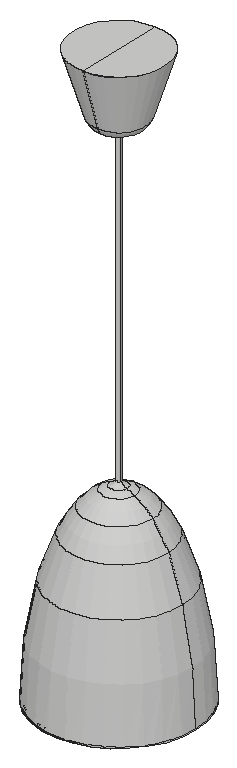
Revit family "Lighting_Pendants_Nordlux_Nexus_2.0", category Lighting Fixtures, host Ceiling, Revit 2017
Family settings
  Host = Ceiling
  Round Connector Dimension = Use Diameter
  Part Type = Normal
  OmniClass Number = 23.80.70.11
  OmniClass Title = Luminaries for Internal Lighting
  Always vertical = Yes
  Cut with Voids When Loaded = No
  Light Source = Yes
  Shared = No
  Room Calculation Point = No
Parameters (values of type "Nexus 2.0 Pendant - white")
  Wattage = 1.34642 W
  WarrantyStartDate [instance] = "n/a"
  WarrantyGuarantorParts = "n/a"
  WarrantyGuarantorLabor = "n/a"
  WarrantyDurationUnit = "Hours"
  WarrantyDurationParts = "n/a"
  WarrantyDurationLabor = "n/a"
  WarrantyDescription = "n/a"
  built-in parameter 1150110 = 1 (stored number, unit not read)
  VersionDate = "01/07/2020"  # constant formula
  Version = "2"  # constant formula
  UsageCurrent = 0 A
  Uniclass2015Reference = "Pr_70_70_48_62"
  Uniclass2015Description = "Pendant  luminaires"
  Uniclass2 = "Pr_70_70_49_86"
  URL = "https://www.nordlux.com/products/product/2020583001"
  TotalWattage = 40 W
  built-in parameter 1114217 = 1 (stored number, unit not read)
  Tilt Angle = 90.00°
  built-in parameter 1150109 = 1 (stored number, unit not read)
  built-in parameter 1150134 = (empty or 0)
  TagNumber [instance] = "n/a"
  SustainabilityPerformance = "n/a"
  built-in parameter 1150113 = 1 (stored number, unit not read)
  Socket = "E27"
  Size = "Shade: 200x200x250 mm / Canopy: 120x120x90 mm"
  Shape = "Sculptured"
  SerialNumber [instance] = "n/a"
  Revision = "1"  # constant formula
  ReplacementCost = "n/a"
  ProductInformation = "n/a"
  ProductDatasheet = "http://pim.skypim.com/show?objectid=327136475&template=ORG"
  Product data url = "https://www.bimobject.com/nordlux/product/nexus_20_e27_pendant"
  Photometric Web File = "7726 Nexus 20 Pendel w acryl.ies"
  PhaseReference = "n/a"
  PhaseAngle = 0.00°
  NumberOfSources = 0
  NumberOfPoles = 1
  NominalWidth = NominalDiameter  # 200 mm
  NominalVoltageCalc = 0 V
  NominalVoltage = 230 V
  NominalRadius = NominalDiameter / 2  # 100 mm
  NominalLength = NominalDiameter  # 200 mm
  NominalHeight [instance] = CableLengthControl + 257.5 mm  # 757.5 mm
  NominalFrequencyRange = 50 Hz
  NominalDiameter = 200 mm
  NominalCurrent = 0 A
  Name = "Nordlux_Nexus_2.0"  # constant formula
  NBSReference = "90-60-50/405"
  NBSDescription = "General purpose luminaires"
  ModelReference = ArticleNumber  # "2020583001"
  ModelNumber = "n/a"
  Model = "Nexus 2.0 Pendant - white"
  Material = "Metal, plastic & textile"
  ManufacturersSpecificInformation = "n/a"
  ManufacturerURL = "https://www.nordlux.com/"
  ManufacturerName = "Nordlux"
  Manufacturer = "Nordlux"
  MaintenanceFactor = 0
  Lumens = 200 lm
  built-in parameter 1150115 = 1 (stored number, unit not read)
  built-in parameter 1150105 = 303.49 (stored number, unit not read)
  LightSource = "Not included"
  LightFixtureTertiaryMaterial = Glass
  LightFixtureSecondaryMaterial = White cable
  LightFixturePlacingType = "Ceilling"
  LightFixtureMountingType = "Suspended"
  LightFixtureMainMaterial = White
  built-in parameter 1150137 = (empty or 0)
  built-in parameter 1150139 = (empty or 0)
  LensMaterial = Acrylic diffuser
  built-in parameter 1150112 = 1 (stored number, unit not read)
  built-in parameter 1150114 = 1 (stored number, unit not read)
  InsulationStandardClass = "Class 2 (Double isolated)"
  InstallationDate [instance] = "n/a"
  built-in parameter 1150132 = 2
  built-in parameter 1150102 = (empty or 0)
  built-in parameter 1150138 = (empty or 0)
  built-in parameter 1150107 = 2700 (stored number, unit not read)
  built-in parameter 1150106 = 3.0349 (stored number, unit not read)
  IfcExportType = "NOTDEFINED"  # constant formula
  IfcExportAs = "IfcLightFixtureType"  # constant formula
  IP_Code = "IP20"
  HasProtectiveEarth = no
  Grade = "n/a"
  Finish = "Satin soft, matt surface. Ex. acrylic patton diffuser. Primary material metal, secondary material plastic, textile cable"
  Features = "Includes acylic diffuser. Textile cable 250cm. Cable can not be replaced."
  ExpectedLife = "n/a"
  EnergyClass = "A++ - D"
  Emit from Circle Diameter = 50 mm
  Emit Shape Visible in Rendering = no
  ElectricalDeviceNominalPower = 0
  built-in parameter 1150104 = 13.8 (stored number, unit not read)
  EANNumber = "5704924002342"
  DurationUnit = "Hours"
  Dimming Lamp Color Temperature Shift = <None>
  Designer = "Bonnelycke MDD"
  Description = "NEXUS is an exciting series that epitomises Nordic cool. The details tell the story of an elegantly designed light, for example, the pendant’s invisible transition between shade and cord, and the beautiful enclosed acrylic inserts that create an exciting play of light."
  DefaultElevation = 0 mm
  ConvergoRefNr = "0143-1909-0010-DK"
  Constituents = "n/a"
  Color Filter = 16777215
  Color = "White RAL7047"
  Collection = "Nexus 2.0"
  CodePerformance = "n/a"
  Category = "Indoor lighting"
  CableLengthControl [instance] = if(CableLength < 250 mm, 250 mm, if(CableLength > 2500 mm, 2500 mm, CableLength))  # 500 mm
  CableLength [instance] = 500 mm
  Brand = "Nordlux"
  Barcode [instance] = "n/a"
  built-in parameter 1114218 = 1 (stored number, unit not read)
  BIMObjectName = "Lighting_Pendants_Nordlux_Nexus_2.0"  # constant formula
  Author = "Convergo AB"  # constant formula
  built-in parameter 1150133 = 10 (stored number, unit not read)
  AssetType = "Fixed"
  AssetIdentifier [instance] = "n/a"
  ArticleNumber = "2020583001"
  AccessibilityPerformance = "n/a"
Types (2, lengths in mm): name | URL | ProductDatasheet | ModelReference | Model | LightFixtureSecondaryMaterial | LightFixtureMainMaterial | EANNumber | Color | ArticleNumber
  Nexus 2.0 Pendant - white | "https://www.nordlux.com/products/product/2020583001" | "http://pim.skypim.com/show?objectid=327136475&template=ORG" | "2020583001" | "Nexus 2.0 Pendant - white" | White cable | White | "5704924002342" | "White RAL7047" | "2020583001"
  Nexus 2.0 Pendant - black | "https://www.nordlux.com/products/product/2020583003" | "http://pim.skypim.com/show?objectid=327139653&template=ORG" | "2020583003" | "Nexus 2.0 Pendant - black" | Black cable | Black | "5704924002359" | "Black RAL9005" | "2020583003"
Reference planes
  plane 1 "Light Source Axis (F/B)": y = 0
  plane 2: z = 0
  plane 3 "Light Source Axis (L/R)": x = 0
  plane 4 "Ceiling": z = 4000
  plane 5 "Light Source Elevation": z = 3246.5
  plane 6: x = -100
  plane 7: y = 100
  plane 8: x = 100
  plane 9: y = -100
  plane 10: z = 3500
  plane 11: z = 3242.5
Forms (mm)
  Extrusion 1, solid, material "White" <- "LightFixtureMainMaterial", detail levels coarse
    sketch origin (0, 6000, 3224.2) x (0, 1, 0) y (1, 0, 0)
      loop
        line (-5900, -100) -> (-5900, 100) -> (-6100, 100) -> (-6100, -100) -> (-5900, -100)
    from -18.3 to -775.8
Lines and regions (mm)
  symbolic lines
    curve 1: line (3.5, 0, 4000) -> (-3, 0, 4000)
  symbolic lines, detail levels medium+fine
    curve 2: line (3, 0, 3910.425) -> (3, 0, 3500.031)
    curve 3: line (0, 3, 3910.425) -> (0, 3, 3500.031)
    curve 4: line (-3, 0, 3910.425) -> (-3, 0, 3500.031)
    curve 5: line (0, -3, 3910.425) -> (0, -3, 3500.031)
Dimensions and locks
  equal spacing: host sketch curve, plane 3 "Light Source Axis (L/R)", host sketch curve
  equal spacing: host sketch curve, plane 1 "Light Source Axis (F/B)", host sketch curve
  host sketch curve to host sketch curve = 4000 mm  (x2)
  locked: plane 4 "Ceiling" to host ceiling at 0
  equal spacing: plane 9, plane 1 "Light Source Axis (F/B)", plane 7
  "NominalDiameter": plane 7 to plane 9
  equal spacing: plane 6, plane 3 "Light Source Axis (L/R)", plane 8
  "NominalDiameter": plane 6 to plane 8
  "CableLengthControl": plane 10 to plane 4 "Ceiling"
  "NominalHeight": plane 11 to plane 4 "Ceiling"
  locked: plane 11 to plane 5 "Light Source Elevation" at 4
  aligned and locked: plane 3 "Light Source Axis (L/R)" to imposter light
  aligned and locked: plane 1 "Light Source Axis (F/B)" to imposter light
  aligned and locked: plane 5 "Light Source Elevation" to imposter light
  aligned and locked: plane 4 "Ceiling" to curve 1
  aligned and locked: plane 7 to Extrusion 1 sketch curve
  aligned and locked: plane 6 to Extrusion 1 sketch curve
  aligned and locked: plane 9 to Extrusion 1 sketch curve
  aligned and locked: plane 8 to Extrusion 1 sketch curve
  aligned and locked: Extrusion 1 to plane 4 "Ceiling"
  aligned and locked: plane 11 to Extrusion 1
  aligned and locked: nested 2 to plane 4 "Ceiling"
  aligned and locked: curve 3 to nested 2
  aligned and locked: curve 5 to nested 2
  aligned and locked: nested 2 to curve 2
  aligned and locked: nested 2 to curve 4
  aligned and locked: plane 11 to nested 1
  aligned and locked: nested 1 to curve 2
  aligned and locked: nested 1 to curve 4
  aligned and locked: nested 1 to curve 5
  aligned and locked: curve 3 to nested 1
Automatic sketch dimensions
  plane 1 "Light Source Axis (F/B)" to curve 5 = 3 mm
  curve 3 to plane 1 "Light Source Axis (F/B)" = 3 mm
  curve 1 to plane 3 "Light Source Axis (L/R)" = 3 mm
  curve 4 to plane 3 "Light Source Axis (L/R)" = 3 mm
  plane 3 "Light Source Axis (L/R)" to curve 2 = 3 mm
  plane 3 "Light Source Axis (L/R)" to curve 1 = 3.5 mm
Nested families
  nested 1: "Nexus_20" at (0, 0, 3242.5), Metal <- "LightFixtureMainMaterial", Diffuser <- "LensMaterial", Glass <- "LightFixtureTertiaryMaterial", type "Nexus_20"
    with Metal White, Glass Glass, Diffuser Acrylic diffuser
  nested 2: "Nexus_Cable" at (0, 0, 4000) x (1, 0, 0) z (0, 0, -1), Cable <- "LightFixtureSecondaryMaterial", Metal <- "LightFixtureMainMaterial", CableLength <- "CableLengthControl", type "Nexus_Cable"
    with Metal White, CableLength 500 mm, Cable White cable
Connectors
  electrical at (0, 0, 4000), driven by "NumberOfPoles", driven by "NominalVoltage"
    settings: on nested 2, index 1, voltage 230 V, apparent load 0 VA, apparent load phase1 0 VA, apparent load phase2 0 VA, apparent load phase3 0 VA, power factor 1, load classification "Other", number of poles 1, system type 31, power factor state 1, is connector primary yes, connector utility no, sub classification motor no, connector description ""
Definition of nested family "Nexus_20"
  Parameters (values of type "Nexus_20")
    Metal [instance] = none
    Glass [instance] = none
    Diffuser [instance] = none
  Reference planes
    plane 1 "Center (Front/Back)": y = 0
    plane 2: z = 0
    plane 3 "Center (Left/Right)": x = 0
  Forms (mm)
    Revolve 1, solid, material <- "Metal", detail levels medium+fine
      sketch origin (0, 0, 0) x (1, 0, 0) y (0, 0, 1)
        loop
          arc (-99.032, 5.439) -> (-95.019, 74.053) -> (-82.348, 141.605) r 541.589
          arc (-82.348, 141.605) -> (-74.059, 168.555) -> (-63.148, 194.555) r 285.07
          arc (-63.148, 194.555) -> (-53.92, 211.306) -> (-42.854, 226.904) r 168.641
          arc (-42.854, 226.904) -> (-32.611, 237.519) -> (-20.567, 246.037) r 78.716
          arc (-20.567, 246.037) -> (-15.713, 248.41) -> (-10.585, 250.113) r 40.35
          arc (-10.585, 250.113) -> (-5.835, 252.468) -> (-2.429, 256.531) r 12.928
          line (-2.429, 256.531) -> (0, 256.531) -> (0, 257.531) -> (-3.101, 257.531)
          arc (-3.101, 257.531) -> (-6.224, 253.442) -> (-10.799, 251.091) r 11.684
          arc (-10.799, 251.091) -> (-16.073, 249.343) -> (-21.065, 246.904) r 41.35
          arc (-21.065, 246.904) -> (-33.262, 238.278) -> (-43.636, 227.528) r 79.716
          arc (-43.636, 227.528) -> (-54.767, 211.837) -> (-64.05, 194.987) r 169.641
          arc (-64.05, 194.987) -> (-74.999, 168.896) -> (-83.317, 141.852) r 286.07
          arc (-83.317, 141.852) -> (-96.098, 73.465) -> (-100.023, 4.005) r 542.589
          arc (-100.023, 4.005) -> (-97.258, 3.155) -> (-99.032, 5.439) r 1.517
        axis (0, 257.531) -> (0, 4.005)
      angle from 0 to 360
    Revolve 2, solid, material <- "Glass", detail levels medium+fine
      sketch origin (0, 0, 0) x (1, 0, 0) y (0, 0, 1)
        loop
          line (0, 185.645) -> (0, 205.645)
          arc (0, 205.645) -> (-10, 195.645) -> (0, 185.645) r 10
        axis (0, 185.645) -> (0, 205.645)
      angle from 0 to 360
    Revolve 3, solid, material <- "Metal", detail levels medium+fine
      sketch origin (0, 0, 0) x (1, 0, 0) y (0, 0, 1)
        loop
          line (-7.592, 204.941) -> (0, 204.941) -> (0, 253.471) -> (-3.618, 253.471) -> (-3.618, 250.477) -> (-8, 250.477) -> (-8, 232.425) -> (-0.597, 232.425)
          arc (-0.597, 232.425) -> (-5.571, 230.063) -> (-7.592, 224.941) r 7.501
          line (-7.592, 224.941) -> (-7.592, 204.941)
        axis (0, 253.471) -> (0, 204.941)
      angle from 0 to 360
    Extrusion 4, solid, material <- "Diffuser", detail levels medium+fine
      sketch origin (0, 0, 0) x (1, 0, 0) y (0, 1, 0)
        loop
          circle (48, 0) r 42
        loop
          circle (48, 0) r 44
      from 0 to 4
    Extrusion 5, solid, material <- "Diffuser", detail levels medium+fine
      sketch origin (0, 0, 0) x (0.866025, -0.5, 0) y (0.5, 0.866025, 0)
        loop
          circle (48, 0) r 42
        loop
          circle (48, 0) r 44
      from 0 to 4
    Extrusion 6, solid, material <- "Diffuser", detail levels medium+fine
      sketch origin (0, 0, 0) x (0.5, -0.866025, 0) y (0.866025, 0.5, 0)
        loop
          circle (48, 0) r 42
        loop
          circle (48, 0) r 44
      from 0 to 4
    Extrusion 7, solid, material <- "Diffuser", detail levels medium+fine
      sketch origin (0, 0, 0) x (0, -1, 0) y (1, 0, 0)
        loop
          circle (48, 0) r 42
        loop
          circle (48, 0) r 44
      from 0 to 4
    Extrusion 8, solid, material <- "Diffuser", detail levels medium+fine
      sketch origin (0, 0, 0) x (-0.5, -0.866025, 0) y (0.866025, -0.5, 0)
        loop
          circle (48, 0) r 42
        loop
          circle (48, 0) r 44
      from 0 to 4
    Extrusion 9, solid, material <- "Diffuser", detail levels medium+fine
      sketch origin (0, 0, 0) x (-0.866025, -0.5, 0) y (0.5, -0.866025, 0)
        loop
          circle (48, 0) r 42
        loop
          circle (48, 0) r 44
      from 0 to 4
    Extrusion 10, solid, material <- "Diffuser", detail levels medium+fine
      sketch origin (0, 0, 0) x (-1, 0, 0) y (0, -1, 0)
        loop
          circle (48, 0) r 42
        loop
          circle (48, 0) r 44
      from 0 to 4
    Extrusion 11, solid, material <- "Diffuser", detail levels medium+fine
      sketch origin (0, 0, 0) x (-0.866025, 0.5, 0) y (-0.5, -0.866025, 0)
        loop
          circle (48, 0) r 42
        loop
          circle (48, 0) r 44
      from 0 to 4
    Extrusion 12, solid, material <- "Diffuser", detail levels medium+fine
      sketch origin (0, 0, 0) x (-0.5, 0.866025, 0) y (-0.866025, -0.5, 0)
        loop
          circle (48, 0) r 42
        loop
          circle (48, 0) r 44
      from 0 to 4
    Extrusion 13, solid, material <- "Diffuser", detail levels medium+fine
      sketch origin (0, 0, 0) x (0, 1, 0) y (-1, 0, 0)
        loop
          circle (48, 0) r 42
        loop
          circle (48, 0) r 44
      from 0 to 4
    Extrusion 14, solid, material <- "Diffuser", detail levels medium+fine
      sketch origin (0, 0, 0) x (0.5, 0.866025, 0) y (-0.866025, 0.5, 0)
        loop
          circle (48, 0) r 42
        loop
          circle (48, 0) r 44
      from 0 to 4
    Extrusion 15, solid, material <- "Diffuser", detail levels medium+fine
      sketch origin (0, 0, 0) x (0.866025, 0.5, 0) y (-0.5, 0.866025, 0)
        loop
          circle (48, 0) r 42
        loop
          circle (48, 0) r 44
      from 0 to 4
    Revolve 16, solid, material <- "Metal", detail levels medium+fine
      sketch origin (0, 0, 0) x (0, 1, 0) y (0, 0, 1)
        loop
          line (100.25, 2.5) -> (100.25, 4) -> (92.902, 4) -> (92.902, 2.5) -> (100.25, 2.5)
        axis (0, 2.5) -> (0, 4)
      angle from 0 to 360
    Revolve 17, solid, material <- "Metal", detail levels medium+fine
      sketch origin (0, 0, 0) x (1, 0, 0) y (0, 0, 1)
        loop
          line (-96.5, 15) -> (-96.5, 4) -> (-91.5, 4) -> (-91.5, 15) -> (-96.5, 15)
        axis (0, 15) -> (0, 4)
      angle from 0 to 360
  Cuts and joins
    joined: Extrusion 4, Extrusion 5, Extrusion 6, Extrusion 7, Extrusion 8, Extrusion 9, Extrusion 10, Extrusion 11, Extrusion 12, Extrusion 13, Extrusion 14, Extrusion 15
    joined: Revolve 1, Revolve 16
  Lines and regions (mm)
    symbolic lines, detail levels fine
      curve 1: arc (-46, 79.674, 0) -> (-55.491, 72.299, 0) -> (-62.631, 62.631, 0) r 44
      curve 2: arc (-62.631, 62.631, 0) -> (-72.299, 55.491, 0) -> (-79.674, 46, 0) r 44
      curve 3: arc (-79.674, 46, 0) -> (-84.206, 34.868, 0) -> (-85.556, 22.925, 0) r 44
      curve 4: arc (-85.556, 22.925, 0) -> (-90.358, 11.907, 0) -> (-92, 0, 0) r 44
      curve 5: arc (-92, 0, 0) -> (-90.358, -11.907, 0) -> (-85.556, -22.925, 0) r 44
      curve 6: arc (-85.556, -22.925, 0) -> (-84.206, -34.868, 0) -> (-79.674, -46, 0) r 44
      curve 7: arc (-79.674, -46, 0) -> (-72.299, -55.491, 0) -> (-62.631, -62.631, 0) r 44
      curve 8: arc (-62.631, -62.631, 0) -> (-55.491, -72.299, 0) -> (-46, -79.674, 0) r 44
      curve 9: arc (-46, -79.674, 0) -> (-34.868, -84.206, 0) -> (-22.925, -85.556, 0) r 44
      curve 10: arc (-22.925, -85.556, 0) -> (-11.907, -90.358, 0) -> (0, -92, 0) r 44
      curve 11: arc (0, -92, 0) -> (11.907, -90.358, 0) -> (22.925, -85.556, 0) r 44
      curve 12: arc (22.925, -85.556, 0) -> (34.868, -84.206, 0) -> (46, -79.674, 0) r 44
      curve 13: arc (46, -79.674, 0) -> (55.491, -72.299, 0) -> (62.631, -62.631, 0) r 44
      curve 14: arc (62.631, -62.631, 0) -> (72.299, -55.491, 0) -> (79.674, -46, 0) r 44
      curve 15: arc (79.674, -46, 0) -> (84.206, -34.868, 0) -> (85.556, -22.925, 0) r 44
      curve 16: arc (85.556, -22.925, 0) -> (90.358, -11.907, 0) -> (92, 0, 0) r 44
      curve 17: arc (92, 0, 0) -> (90.358, 11.907, 0) -> (85.556, 22.925, 0) r 44
      curve 18: arc (85.556, 22.925, 0) -> (84.206, 34.868, 0) -> (79.674, 46, 0) r 44
      curve 19: arc (79.674, 46, 0) -> (72.299, 55.491, 0) -> (62.631, 62.631, 0) r 44
      curve 20: arc (62.631, 62.631, 0) -> (55.491, 72.299, 0) -> (46, 79.674, 0) r 44
      curve 21: arc (46, 79.674, 0) -> (34.868, 84.206, 0) -> (22.925, 85.556, 0) r 44
      curve 22: arc (22.925, 85.556, 0) -> (11.907, 90.358, 0) -> (0, 92, 0) r 44
      curve 23: arc (0, 92, 0) -> (-11.907, 90.358, 0) -> (-22.925, 85.556, 0) r 44
      curve 24: arc (-22.925, 85.556, 0) -> (-34.868, 84.206, 0) -> (-46, 79.674, 0) r 44
      curve 25: arc (-59.352, 64.247, 0) -> (-52.996, 71.954, 0) -> (-45, 77.942, 0) r 42
      curve 26: arc (-45, 77.942, 0) -> (-35.816, 81.873, 0) -> (-25.963, 83.523, 0) r 42
      curve 27: arc (-25.963, 83.523, 0) -> (-33.512, 76.512, 0) -> (-39.224, 67.937, 0) r 44
      curve 28: arc (-39.224, 67.937, 0) -> (-49.505, 67.278, 0) -> (-59.352, 64.247, 0) r 44
      curve 29: arc (-19.277, 85.315, 0) -> (-9.919, 88.812, 0) -> (0, 90, 0) r 42
      curve 30: arc (0, 90, 0) -> (9.919, 88.812, 0) -> (19.277, 85.315, 0) r 42
      curve 31: arc (19.277, 85.315, 0) -> (9.234, 83.017, 0) -> (0, 78.447, 0) r 44
      curve 32: arc (0, 78.447, 0) -> (-9.234, 83.017, 0) -> (-19.277, 85.315, 0) r 44
      curve 33: arc (39.224, 67.937, 0) -> (33.512, 76.512, 0) -> (25.963, 83.523, 0) r 44
      curve 34: arc (25.963, 83.523, 0) -> (35.816, 81.873, 0) -> (45, 77.942, 0) r 42
      curve 35: arc (45, 77.942, 0) -> (52.996, 71.954, 0) -> (59.352, 64.247, 0) r 42
      curve 36: arc (59.352, 64.247, 0) -> (49.505, 67.278, 0) -> (39.224, 67.937, 0) r 44
      curve 37: arc (67.937, 39.224, 0) -> (67.278, 49.505, 0) -> (64.247, 59.352, 0) r 44
      curve 38: arc (64.247, 59.352, 0) -> (71.954, 52.996, 0) -> (77.942, 45, 0) r 42
      curve 39: arc (77.942, 45, 0) -> (81.873, 35.816, 0) -> (83.523, 25.963, 0) r 42
      curve 40: arc (83.523, 25.963, 0) -> (76.512, 33.512, 0) -> (67.937, 39.224, 0) r 44
      curve 41: arc (78.447, 0, 0) -> (83.017, 9.234, 0) -> (85.315, 19.277, 0) r 44
      curve 42: arc (85.315, 19.277, 0) -> (88.812, 9.919, 0) -> (90, 0, 0) r 42
      curve 43: arc (90, 0, 0) -> (88.812, -9.919, 0) -> (85.315, -19.277, 0) r 42
      curve 44: arc (85.315, -19.277, 0) -> (83.017, -9.234, 0) -> (78.447, 0, 0) r 44
      curve 45: arc (67.937, -39.224, 0) -> (76.512, -33.512, 0) -> (83.523, -25.963, 0) r 44
      curve 46: arc (83.523, -25.963, 0) -> (81.873, -35.816, 0) -> (77.942, -45, 0) r 42
      curve 47: arc (77.942, -45, 0) -> (71.954, -52.996, 0) -> (64.247, -59.352, 0) r 42
      curve 48: arc (64.247, -59.352, 0) -> (67.278, -49.505, 0) -> (67.937, -39.224, 0) r 44
      curve 49: arc (39.224, -67.937, 0) -> (49.505, -67.278, 0) -> (59.352, -64.247, 0) r 44
      curve 50: arc (59.352, -64.247, 0) -> (52.996, -71.954, 0) -> (45, -77.942, 0) r 42
      curve 51: arc (45, -77.942, 0) -> (35.816, -81.873, 0) -> (25.963, -83.523, 0) r 42
      curve 52: arc (25.963, -83.523, 0) -> (33.512, -76.512, 0) -> (39.224, -67.937, 0) r 44
      curve 53: arc (0, -90, 0) -> (-9.919, -88.812, 0) -> (-19.277, -85.315, 0) r 42
      curve 54: arc (-19.277, -85.315, 0) -> (-9.234, -83.017, 0) -> (0, -78.447, 0) r 44
      curve 55: arc (0, -78.447, 0) -> (9.234, -83.017, 0) -> (19.277, -85.315, 0) r 44
      curve 56: arc (19.277, -85.315, 0) -> (9.919, -88.812, 0) -> (0, -90, 0) r 42
      curve 57: arc (-25.963, -83.523, 0) -> (-35.816, -81.873, 0) -> (-45, -77.942, 0) r 42
      curve 58: arc (-45, -77.942, 0) -> (-52.996, -71.954, 0) -> (-59.352, -64.247, 0) r 42
      curve 59: arc (-59.352, -64.247, 0) -> (-49.505, -67.278, 0) -> (-39.224, -67.937, 0) r 44
      curve 60: arc (-39.224, -67.937, 0) -> (-33.512, -76.512, 0) -> (-25.963, -83.523, 0) r 44
      curve 61: arc (-64.247, -59.352, 0) -> (-71.954, -52.996, 0) -> (-77.942, -45, 0) r 42
      curve 62: arc (-77.942, -45, 0) -> (-81.873, -35.816, 0) -> (-83.523, -25.963, 0) r 42
      curve 63: arc (-83.523, -25.963, 0) -> (-76.512, -33.512, 0) -> (-67.937, -39.224, 0) r 44
      curve 64: arc (-67.937, -39.224, 0) -> (-67.278, -49.505, 0) -> (-64.247, -59.352, 0) r 44
      curve 65: arc (-85.315, -19.277, 0) -> (-88.812, -9.919, 0) -> (-90, 0, 0) r 42
      curve 66: arc (-90, 0, 0) -> (-88.812, 9.919, 0) -> (-85.315, 19.277, 0) r 42
      curve 67: arc (-85.315, 19.277, 0) -> (-83.017, 9.234, 0) -> (-78.447, 0, 0) r 44
      curve 68: arc (-78.447, 0, 0) -> (-83.017, -9.234, 0) -> (-85.315, -19.277, 0) r 44
      curve 69: arc (-83.523, 25.963, 0) -> (-81.873, 35.816, 0) -> (-77.942, 45, 0) r 42
      curve 70: arc (-77.942, 45, 0) -> (-71.954, 52.996, 0) -> (-64.247, 59.352, 0) r 42
      curve 71: arc (-64.247, 59.352, 0) -> (-67.278, 49.505, 0) -> (-67.937, 39.224, 0) r 44
      curve 72: arc (-67.937, 39.224, 0) -> (-76.512, 33.512, 0) -> (-83.523, 25.963, 0) r 44
      curve 73: arc (-61.154, 61.154, 0) -> (-50.972, 64.934, 0) -> (-40.16, 65.976, 0) r 42
      curve 74: arc (-40.16, 65.976, 0) -> (-43.419, 55.124, 0) -> (-43.799, 43.799, 0) r 44
      curve 75: arc (-43.799, 43.799, 0) -> (-55.124, 43.419, 0) -> (-65.976, 40.16, 0) r 44
      curve 76: arc (-65.976, 40.16, 0) -> (-64.934, 50.972, 0) -> (-61.154, 61.154, 0) r 42
      curve 77: arc (-37.057, 67.768, 0) -> (-30.749, 76.61, 0) -> (-22.384, 83.538, 0) r 42
      curve 78: arc (-22.384, 83.538, 0) -> (-11.676, 81.72, 0) -> (-1.792, 77.217, 0) r 42
      curve 79: arc (-1.792, 77.217, 0) -> (-10.04, 69.448, 0) -> (-16.032, 59.831, 0) r 44
      curve 80: arc (-16.032, 59.831, 0) -> (-26.029, 65.164, 0) -> (-37.057, 67.768, 0) r 44
      curve 81: arc (1.792, 77.217, 0) -> (11.676, 81.72, 0) -> (22.384, 83.538, 0) r 42
      curve 82: arc (22.384, 83.538, 0) -> (30.749, 76.61, 0) -> (37.057, 67.768, 0) r 42
      curve 83: arc (37.057, 67.768, 0) -> (26.029, 65.164, 0) -> (16.032, 59.831, 0) r 44
      curve 84: arc (16.032, 59.831, 0) -> (10.04, 69.448, 0) -> (1.792, 77.217, 0) r 44
      curve 85: arc (40.16, 65.976, 0) -> (50.972, 64.934, 0) -> (61.154, 61.154, 0) r 42
      curve 86: arc (61.154, 61.154, 0) -> (64.934, 50.972, 0) -> (65.976, 40.16, 0) r 42
      curve 87: arc (65.976, 40.16, 0) -> (55.124, 43.419, 0) -> (43.799, 43.799, 0) r 44
      curve 88: arc (43.799, 43.799, 0) -> (43.419, 55.124, 0) -> (40.16, 65.976, 0) r 44
      curve 89: arc (59.831, 16.032, 0) -> (65.164, 26.029, 0) -> (67.768, 37.057, 0) r 44
      curve 90: arc (67.768, 37.057, 0) -> (76.61, 30.749, 0) -> (83.538, 22.384, 0) r 42
      curve 91: arc (83.538, 22.384, 0) -> (81.72, 11.676, 0) -> (77.217, 1.792, 0) r 42
      curve 92: arc (77.217, 1.792, 0) -> (69.448, 10.04, 0) -> (59.831, 16.032, 0) r 44
      curve 93: arc (59.831, -16.032, 0) -> (69.448, -10.04, 0) -> (77.217, -1.792, 0) r 44
      curve 94: arc (77.217, -1.792, 0) -> (81.72, -11.676, 0) -> (83.538, -22.384, 0) r 42
      curve 95: arc (83.538, -22.384, 0) -> (76.61, -30.749, 0) -> (67.768, -37.057, 0) r 42
      curve 96: arc (67.768, -37.057, 0) -> (65.164, -26.029, 0) -> (59.831, -16.032, 0) r 44
      curve 97: arc (43.799, -43.799, 0) -> (55.124, -43.419, 0) -> (65.976, -40.16, 0) r 44
      curve 98: arc (65.976, -40.16, 0) -> (64.934, -50.972, 0) -> (61.154, -61.154, 0) r 42
      curve 99: arc (61.154, -61.154, 0) -> (50.972, -64.934, 0) -> (40.16, -65.976, 0) r 42
      curve 100: arc (40.16, -65.976, 0) -> (43.419, -55.124, 0) -> (43.799, -43.799, 0) r 44
      curve 101: arc (-37.057, -67.768, 0) -> (-26.029, -65.164, 0) -> (-16.032, -59.831, 0) r 44
      curve 102: arc (-16.032, -59.831, 0) -> (-10.04, -69.448, 0) -> (-1.792, -77.217, 0) r 44
      curve 103: arc (-1.792, -77.217, 0) -> (-11.676, -81.72, 0) -> (-22.384, -83.538, 0) r 42
      curve 104: arc (-22.384, -83.538, 0) -> (-30.749, -76.61, 0) -> (-37.057, -67.768, 0) r 42
      curve 105: arc (-43.799, -43.799, 0) -> (-43.419, -55.124, 0) -> (-40.16, -65.976, 0) r 44
      curve 106: arc (-40.16, -65.976, 0) -> (-50.972, -64.934, 0) -> (-61.154, -61.154, 0) r 42
      curve 107: arc (-61.154, -61.154, 0) -> (-64.934, -50.972, 0) -> (-65.976, -40.16, 0) r 42
      curve 108: arc (-65.976, -40.16, 0) -> (-55.124, -43.419, 0) -> (-43.799, -43.799, 0) r 44
      curve 109: arc (1.792, -77.217, 0) -> (10.04, -69.448, 0) -> (16.032, -59.831, 0) r 44
      curve 110: arc (16.032, -59.831, 0) -> (26.029, -65.164, 0) -> (37.057, -67.768, 0) r 44
      curve 111: arc (37.057, -67.768, 0) -> (30.749, -76.61, 0) -> (22.384, -83.538, 0) r 42
      curve 112: arc (22.384, -83.538, 0) -> (11.676, -81.72, 0) -> (1.792, -77.217, 0) r 42
      curve 113: arc (-59.831, -16.032, 0) -> (-65.164, -26.029, 0) -> (-67.768, -37.057, 0) r 44
      curve 114: arc (-67.768, -37.057, 0) -> (-76.61, -30.749, 0) -> (-83.538, -22.384, 0) r 42
      curve 115: arc (-83.538, -22.384, 0) -> (-81.72, -11.676, 0) -> (-77.217, -1.792, 0) r 42
      curve 116: arc (-77.217, -1.792, 0) -> (-69.448, -10.04, 0) -> (-59.831, -16.032, 0) r 44
      curve 117: arc (-83.538, 22.384, 0) -> (-76.61, 30.749, 0) -> (-67.768, 37.057, 0) r 42
      curve 118: arc (-67.768, 37.057, 0) -> (-65.164, 26.029, 0) -> (-59.831, 16.032, 0) r 44
      curve 119: arc (-59.831, 16.032, 0) -> (-69.448, 10.04, 0) -> (-77.217, 1.792, 0) r 44
      curve 120: arc (-77.217, 1.792, 0) -> (-81.72, 11.676, 0) -> (-83.538, 22.384, 0) r 42
      curve 121: arc (-65.85, 38.018, 0) -> (-54.96, 41.419, 0) -> (-43.556, 41.764, 0) r 42
      curve 122: arc (-43.556, 41.764, 0) -> (-40.036, 29.749, 0) -> (-33.275, 19.211, 0) r 44
      curve 123: arc (-33.275, 19.211, 0) -> (-45.781, 19.798, 0) -> (-57.947, 16.838, 0) r 44
      curve 124: arc (-57.947, 16.838, 0) -> (-63.35, 26.887, 0) -> (-65.85, 38.018, 0) r 42
      curve 125: arc (-41.764, 43.556, 0) -> (-41.419, 54.96, 0) -> (-38.018, 65.85, 0) r 42
      curve 126: arc (-38.018, 65.85, 0) -> (-26.887, 63.35, 0) -> (-16.838, 57.947, 0) r 42
      curve 127: arc (-16.838, 57.947, 0) -> (-19.798, 45.781, 0) -> (-19.211, 33.275, 0) r 44
      curve 128: arc (-19.211, 33.275, 0) -> (-29.749, 40.036, 0) -> (-41.764, 43.556, 0) r 44
      curve 129: arc (-14.391, 58.603, 0) -> (-8.39, 68.306, 0) -> (0, 76.037, 0) r 42
      curve 130: arc (0, 76.037, 0) -> (8.39, 68.306, 0) -> (14.391, 58.603, 0) r 42
      curve 131: arc (14.391, 58.603, 0) -> (5.745, 49.547, 0) -> (0, 38.422, 0) r 44
      curve 132: arc (0, 38.422, 0) -> (-5.745, 49.547, 0) -> (-14.391, 58.603, 0) r 44
      curve 133: arc (16.838, 57.947, 0) -> (26.887, 63.35, 0) -> (38.018, 65.85, 0) r 42
      curve 134: arc (38.018, 65.85, 0) -> (41.419, 54.96, 0) -> (41.764, 43.556, 0) r 42
      curve 135: arc (41.764, 43.556, 0) -> (29.749, 40.036, 0) -> (19.211, 33.275, 0) r 44
      curve 136: arc (19.211, 33.275, 0) -> (19.798, 45.781, 0) -> (16.838, 57.947, 0) r 44
      curve 137: arc (33.275, 19.211, 0) -> (40.036, 29.749, 0) -> (43.556, 41.764, 0) r 44
      curve 138: arc (43.556, 41.764, 0) -> (54.96, 41.419, 0) -> (65.85, 38.018, 0) r 42
      curve 139: arc (65.85, 38.018, 0) -> (63.35, 26.887, 0) -> (57.947, 16.838, 0) r 42
      curve 140: arc (57.947, 16.838, 0) -> (45.781, 19.798, 0) -> (33.275, 19.211, 0) r 44
      curve 141: arc (38.422, 0, 0) -> (49.547, 5.745, 0) -> (58.603, 14.391, 0) r 44
      curve 142: arc (58.603, 14.391, 0) -> (68.306, 8.39, 0) -> (76.037, 0, 0) r 42
      curve 143: arc (76.037, 0, 0) -> (68.306, -8.39, 0) -> (58.603, -14.391, 0) r 42
      curve 144: arc (58.603, -14.391, 0) -> (49.547, -5.745, 0) -> (38.422, 0, 0) r 44
      curve 145: arc (33.275, -19.211, 0) -> (45.781, -19.798, 0) -> (57.947, -16.838, 0) r 44
      curve 146: arc (57.947, -16.838, 0) -> (63.35, -26.887, 0) -> (65.85, -38.018, 0) r 42
      curve 147: arc (65.85, -38.018, 0) -> (54.96, -41.419, 0) -> (43.556, -41.764, 0) r 42
      curve 148: arc (43.556, -41.764, 0) -> (40.036, -29.749, 0) -> (33.275, -19.211, 0) r 44
      curve 149: arc (16.838, -57.947, 0) -> (19.798, -45.781, 0) -> (19.211, -33.275, 0) r 44
      curve 150: arc (19.211, -33.275, 0) -> (29.749, -40.036, 0) -> (41.764, -43.556, 0) r 44
      curve 151: arc (41.764, -43.556, 0) -> (41.419, -54.96, 0) -> (38.018, -65.85, 0) r 42
      curve 152: arc (38.018, -65.85, 0) -> (26.887, -63.35, 0) -> (16.838, -57.947, 0) r 42
      curve 153: arc (0, -76.037, 0) -> (-8.39, -68.306, 0) -> (-14.391, -58.603, 0) r 42
      curve 154: arc (-14.391, -58.603, 0) -> (-5.745, -49.547, 0) -> (0, -38.422, 0) r 44
      curve 155: arc (0, -38.422, 0) -> (5.745, -49.547, 0) -> (14.391, -58.603, 0) r 44
      curve 156: arc (14.391, -58.603, 0) -> (8.39, -68.306, 0) -> (0, -76.037, 0) r 42
      curve 157: arc (-38.018, -65.85, 0) -> (-41.419, -54.96, 0) -> (-41.764, -43.556, 0) r 42
      curve 158: arc (-41.764, -43.556, 0) -> (-29.749, -40.036, 0) -> (-19.211, -33.275, 0) r 44
      curve 159: arc (-19.211, -33.275, 0) -> (-19.798, -45.781, 0) -> (-16.838, -57.947, 0) r 44
      curve 160: arc (-16.838, -57.947, 0) -> (-26.887, -63.35, 0) -> (-38.018, -65.85, 0) r 42
      curve 161: arc (-65.85, -38.018, 0) -> (-63.35, -26.887, 0) -> (-57.947, -16.838, 0) r 42
      curve 162: arc (-57.947, -16.838, 0) -> (-45.781, -19.798, 0) -> (-33.275, -19.211, 0) r 44
      curve 163: arc (-33.275, -19.211, 0) -> (-40.036, -29.749, 0) -> (-43.556, -41.764, 0) r 44
      curve 164: arc (-43.556, -41.764, 0) -> (-54.96, -41.419, 0) -> (-65.85, -38.018, 0) r 42
      curve 165: arc (-76.037, 0, 0) -> (-68.306, 8.39, 0) -> (-58.603, 14.391, 0) r 42
      curve 166: arc (-58.603, 14.391, 0) -> (-49.547, 5.745, 0) -> (-38.422, 0, 0) r 44
      curve 167: arc (-38.422, 0, 0) -> (-49.547, -5.745, 0) -> (-58.603, -14.391, 0) r 44
      curve 168: arc (-58.603, -14.391, 0) -> (-68.306, -8.39, 0) -> (-76.037, 0, 0) r 42
      curve 169: arc (-29.791, 18.394, 0) -> (-37.466, 29.019, 0) -> (-41.493, 41.493, 0) r 42
      curve 170: arc (-41.493, 41.493, 0) -> (-29.019, 37.466, 0) -> (-18.394, 29.791, 0) r 42
      curve 171: arc (-18.394, 29.791, 0) -> (-14.105, 19.569, 0) -> (-7.397, 10.744, 0) r 44
      curve 172: arc (-7.397, 10.744, 0) -> (-6.898, 8.637, 0) -> (-6.507, 6.507, 0) r 42
      curve 173: arc (-6.507, 6.507, 0) -> (-8.637, 6.898, 0) -> (-10.744, 7.397, 0) r 42
      curve 174: arc (-10.744, 7.397, 0) -> (-19.569, 14.105, 0) -> (-29.791, 18.394, 0) r 44
      curve 175: arc (-16.603, 30.825, 0) -> (-17.937, 43.865, 0) -> (-15.187, 56.68, 0) r 42
      curve 176: arc (-15.187, 56.68, 0) -> (-6.398, 46.956, 0) -> (-1.034, 34.997, 0) r 42
      curve 177: arc (-1.034, 34.997, 0) -> (-2.431, 24, 0) -> (-1.034, 13.003, 0) r 44
      curve 178: arc (-1.034, 13.003, 0) -> (-1.655, 10.929, 0) -> (-2.382, 8.889, 0) r 42
      curve 179: arc (-2.382, 8.889, 0) -> (-4.031, 10.292, 0) -> (-5.606, 11.778, 0) r 42
      curve 180: arc (-5.606, 11.778, 0) -> (-9.895, 22, 0) -> (-16.603, 30.825, 0) r 44
      curve 181: arc (1.034, 34.997, 0) -> (6.398, 46.956, 0) -> (15.187, 56.68, 0) r 42
      curve 182: arc (15.187, 56.68, 0) -> (17.937, 43.865, 0) -> (16.603, 30.825, 0) r 42
      curve 183: arc (16.603, 30.825, 0) -> (9.895, 22, 0) -> (5.606, 11.778, 0) r 44
      curve 184: arc (5.606, 11.778, 0) -> (4.031, 10.292, 0) -> (2.382, 8.889, 0) r 42
      curve 185: arc (2.382, 8.889, 0) -> (1.655, 10.929, 0) -> (1.034, 13.003, 0) r 42
      curve 186: arc (1.034, 13.003, 0) -> (2.431, 24, 0) -> (1.034, 34.997, 0) r 44
      curve 187: arc (18.394, 29.791, 0) -> (29.019, 37.466, 0) -> (41.493, 41.493, 0) r 42
      curve 188: arc (41.493, 41.493, 0) -> (37.466, 29.019, 0) -> (29.791, 18.394, 0) r 42
      curve 189: arc (29.791, 18.394, 0) -> (19.569, 14.105, 0) -> (10.744, 7.397, 0) r 44
      curve 190: arc (10.744, 7.397, 0) -> (8.637, 6.898, 0) -> (6.507, 6.507, 0) r 42
      curve 191: arc (6.507, 6.507, 0) -> (6.898, 8.637, 0) -> (7.397, 10.744, 0) r 42
      curve 192: arc (7.397, 10.744, 0) -> (14.105, 19.569, 0) -> (18.394, 29.791, 0) r 44
      curve 193: arc (30.825, 16.603, 0) -> (43.865, 17.937, 0) -> (56.68, 15.187, 0) r 42
      curve 194: arc (56.68, 15.187, 0) -> (46.956, 6.398, 0) -> (34.997, 1.034, 0) r 42
      curve 195: arc (34.997, 1.034, 0) -> (24, 2.431, 0) -> (13.003, 1.034, 0) r 44
      curve 196: arc (13.003, 1.034, 0) -> (10.929, 1.655, 0) -> (8.889, 2.382, 0) r 42
      curve 197: arc (8.889, 2.382, 0) -> (10.292, 4.031, 0) -> (11.778, 5.606, 0) r 42
      curve 198: arc (11.778, 5.606, 0) -> (22, 9.895, 0) -> (30.825, 16.603, 0) r 44
      curve 199: arc (34.997, -1.034, 0) -> (46.956, -6.398, 0) -> (56.68, -15.187, 0) r 42
      curve 200: arc (56.68, -15.187, 0) -> (43.865, -17.937, 0) -> (30.825, -16.603, 0) r 42
      curve 201: arc (30.825, -16.603, 0) -> (22, -9.895, 0) -> (11.778, -5.606, 0) r 44
      curve 202: arc (11.778, -5.606, 0) -> (10.292, -4.031, 0) -> (8.889, -2.382, 0) r 42
      curve 203: arc (8.889, -2.382, 0) -> (10.929, -1.655, 0) -> (13.003, -1.034, 0) r 42
      curve 204: arc (13.003, -1.034, 0) -> (24, -2.431, 0) -> (34.997, -1.034, 0) r 44
      curve 205: arc (29.791, -18.394, 0) -> (37.466, -29.019, 0) -> (41.493, -41.493, 0) r 42
      curve 206: arc (41.493, -41.493, 0) -> (29.019, -37.466, 0) -> (18.394, -29.791, 0) r 42
      curve 207: arc (18.394, -29.791, 0) -> (14.105, -19.569, 0) -> (7.397, -10.744, 0) r 44
      curve 208: arc (7.397, -10.744, 0) -> (6.898, -8.637, 0) -> (6.507, -6.507, 0) r 42
      curve 209: arc (6.507, -6.507, 0) -> (8.637, -6.898, 0) -> (10.744, -7.397, 0) r 42
      curve 210: arc (10.744, -7.397, 0) -> (19.569, -14.105, 0) -> (29.791, -18.394, 0) r 44
      curve 211: arc (16.603, -30.825, 0) -> (17.937, -43.865, 0) -> (15.187, -56.68, 0) r 42
      curve 212: arc (15.187, -56.68, 0) -> (6.398, -46.956, 0) -> (1.034, -34.997, 0) r 42
      curve 213: arc (1.034, -34.997, 0) -> (2.431, -24, 0) -> (1.034, -13.003, 0) r 44
      curve 214: arc (1.034, -13.003, 0) -> (1.655, -10.929, 0) -> (2.382, -8.889, 0) r 42
      curve 215: arc (2.382, -8.889, 0) -> (4.031, -10.292, 0) -> (5.606, -11.778, 0) r 42
      curve 216: arc (5.606, -11.778, 0) -> (9.895, -22, 0) -> (16.603, -30.825, 0) r 44
      curve 217: arc (-1.034, -34.997, 0) -> (-6.398, -46.956, 0) -> (-15.187, -56.68, 0) r 42
      curve 218: arc (-15.187, -56.68, 0) -> (-17.937, -43.865, 0) -> (-16.603, -30.825, 0) r 42
      curve 219: arc (-16.603, -30.825, 0) -> (-9.895, -22, 0) -> (-5.606, -11.778, 0) r 44
      curve 220: arc (-5.606, -11.778, 0) -> (-4.031, -10.292, 0) -> (-2.382, -8.889, 0) r 42
      curve 221: arc (-2.382, -8.889, 0) -> (-1.655, -10.929, 0) -> (-1.034, -13.003, 0) r 42
      curve 222: arc (-1.034, -13.003, 0) -> (-2.431, -24, 0) -> (-1.034, -34.997, 0) r 44
      curve 223: arc (-18.394, -29.791, 0) -> (-29.019, -37.466, 0) -> (-41.493, -41.493, 0) r 42
      curve 224: arc (-41.493, -41.493, 0) -> (-37.466, -29.019, 0) -> (-29.791, -18.394, 0) r 42
      curve 225: arc (-29.791, -18.394, 0) -> (-19.569, -14.105, 0) -> (-10.744, -7.397, 0) r 44
      curve 226: arc (-10.744, -7.397, 0) -> (-8.637, -6.898, 0) -> (-6.507, -6.507, 0) r 42
      curve 227: arc (-6.507, -6.507, 0) -> (-6.898, -8.637, 0) -> (-7.397, -10.744, 0) r 42
      curve 228: arc (-7.397, -10.744, 0) -> (-14.105, -19.569, 0) -> (-18.394, -29.791, 0) r 44
      curve 229: arc (-30.825, -16.603, 0) -> (-43.865, -17.937, 0) -> (-56.68, -15.187, 0) r 42
      curve 230: arc (-56.68, -15.187, 0) -> (-46.956, -6.398, 0) -> (-34.997, -1.034, 0) r 42
      curve 231: arc (-34.997, -1.034, 0) -> (-24, -2.431, 0) -> (-13.003, -1.034, 0) r 44
      curve 232: arc (-13.003, -1.034, 0) -> (-10.929, -1.655, 0) -> (-8.889, -2.382, 0) r 42
      curve 233: arc (-8.889, -2.382, 0) -> (-10.292, -4.031, 0) -> (-11.778, -5.606, 0) r 42
      curve 234: arc (-11.778, -5.606, 0) -> (-22, -9.895, 0) -> (-30.825, -16.603, 0) r 44
      curve 235: arc (-34.997, 1.034, 0) -> (-46.956, 6.398, 0) -> (-56.68, 15.187, 0) r 42
      curve 236: arc (-56.68, 15.187, 0) -> (-43.865, 17.937, 0) -> (-30.825, 16.603, 0) r 42
      curve 237: arc (-30.825, 16.603, 0) -> (-22, 9.895, 0) -> (-11.778, 5.606, 0) r 44
      curve 238: arc (-11.778, 5.606, 0) -> (-10.292, 4.031, 0) -> (-8.889, 2.382, 0) r 42
      curve 239: arc (-8.889, 2.382, 0) -> (-10.929, 1.655, 0) -> (-13.003, 1.034, 0) r 42
      curve 240: arc (-13.003, 1.034, 0) -> (-24, 2.431, 0) -> (-34.997, 1.034, 0) r 44
      curve 241: arc (-15.588, 9, 0) -> (-21, 11.627, 0) -> (-25.981, 15, 0) r 42
      curve 242: arc (-25.981, 15, 0) -> (-20.569, 12.373, 0) -> (-15.588, 9, 0) r 42
      curve 243: arc (-9, 15.588, 0) -> (-12.373, 20.569, 0) -> (-15, 25.981, 0) r 42
      curve 244: arc (-15, 25.981, 0) -> (-11.627, 21, 0) -> (-9, 15.588, 0) r 42
      curve 245: arc (0, 18, 0) -> (-0.431, 24, 0) -> (0, 30, 0) r 42
      curve 246: arc (0, 30, 0) -> (0.431, 24, 0) -> (0, 18, 0) r 42
      curve 247: arc (9, 15.588, 0) -> (11.627, 21, 0) -> (15, 25.981, 0) r 42
      curve 248: arc (15, 25.981, 0) -> (12.373, 20.569, 0) -> (9, 15.588, 0) r 42
      curve 249: arc (15.588, 9, 0) -> (20.569, 12.373, 0) -> (25.981, 15, 0) r 42
      curve 250: arc (25.981, 15, 0) -> (21, 11.627, 0) -> (15.588, 9, 0) r 42
      curve 251: arc (18, 0, 0) -> (24, 0.431, 0) -> (30, 0, 0) r 42
      curve 252: arc (30, 0, 0) -> (24, -0.431, 0) -> (18, 0, 0) r 42
      curve 253: arc (15.588, -9, 0) -> (21, -11.627, 0) -> (25.981, -15, 0) r 42
      curve 254: arc (25.981, -15, 0) -> (20.569, -12.373, 0) -> (15.588, -9, 0) r 42
      curve 255: arc (9, -15.588, 0) -> (12.373, -20.569, 0) -> (15, -25.981, 0) r 42
      curve 256: arc (15, -25.981, 0) -> (11.627, -21, 0) -> (9, -15.588, 0) r 42
      curve 257: arc (0, -30, 0) -> (-0.431, -24, 0) -> (0, -18, 0) r 42
      curve 258: arc (0, -18, 0) -> (0.431, -24, 0) -> (0, -30, 0) r 42
      curve 259: arc (-15, -25.981, 0) -> (-12.373, -20.569, 0) -> (-9, -15.588, 0) r 42
      curve 260: arc (-9, -15.588, 0) -> (-11.627, -21, 0) -> (-15, -25.981, 0) r 42
      curve 261: arc (-15.588, -9, 0) -> (-20.569, -12.373, 0) -> (-25.981, -15, 0) r 42
      curve 262: arc (-25.981, -15, 0) -> (-21, -11.627, 0) -> (-15.588, -9, 0) r 42
      curve 263: arc (-18, 0, 0) -> (-24, -0.431, 0) -> (-30, 0, 0) r 42
      curve 264: arc (-30, 0, 0) -> (-24, 0.431, 0) -> (-18, 0, 0) r 42
      curve 265: arc (-8.295, 4.789, 0) -> (-7.267, 4.604, 0) -> (-6.236, 4.444, 0) r 44
      curve 266: arc (-6.236, 4.444, 0) -> (-6.191, 3.998, 0) -> (-6.15, 3.551, 0) r 42
      curve 267: arc (-6.15, 3.551, 0) -> (-6.557, 3.362, 0) -> (-6.967, 3.178, 0) r 42
      curve 268: arc (-6.967, 3.178, 0) -> (-7.621, 3.991, 0) -> (-8.295, 4.789, 0) r 44
      curve 269: arc (-4.444, 6.236, 0) -> (-4.604, 7.267, 0) -> (-4.789, 8.295, 0) r 44
      curve 270: arc (-4.789, 8.295, 0) -> (-3.991, 7.621, 0) -> (-3.178, 6.967, 0) r 44
      curve 271: arc (-3.178, 6.967, 0) -> (-3.362, 6.557, 0) -> (-3.551, 6.15, 0) r 42
      curve 272: arc (-3.551, 6.15, 0) -> (-3.998, 6.191, 0) -> (-4.444, 6.236, 0) r 42
      curve 273: arc (0, 7.102, 0) -> (-0.367, 7.36, 0) -> (-0.731, 7.622, 0) r 42
      curve 274: arc (-0.731, 7.622, 0) -> (-0.354, 8.596, 0) -> (0, 9.578, 0) r 44
      curve 275: arc (0, 9.578, 0) -> (0.354, 8.596, 0) -> (0.731, 7.622, 0) r 44
      curve 276: arc (0.731, 7.622, 0) -> (0.367, 7.36, 0) -> (0, 7.102, 0) r 42
      curve 277: arc (3.178, 6.967, 0) -> (3.991, 7.621, 0) -> (4.789, 8.295, 0) r 44
      curve 278: arc (4.789, 8.295, 0) -> (4.604, 7.267, 0) -> (4.444, 6.236, 0) r 44
      curve 279: arc (4.444, 6.236, 0) -> (3.998, 6.191, 0) -> (3.551, 6.15, 0) r 42
      curve 280: arc (3.551, 6.15, 0) -> (3.362, 6.557, 0) -> (3.178, 6.967, 0) r 42
      curve 281: arc (6.236, 4.444, 0) -> (7.267, 4.604, 0) -> (8.295, 4.789, 0) r 44
      curve 282: arc (8.295, 4.789, 0) -> (7.621, 3.991, 0) -> (6.967, 3.178, 0) r 44
      curve 283: arc (6.967, 3.178, 0) -> (6.557, 3.362, 0) -> (6.15, 3.551, 0) r 42
      curve 284: arc (6.15, 3.551, 0) -> (6.191, 3.998, 0) -> (6.236, 4.444, 0) r 42
      curve 285: arc (7.622, 0.731, 0) -> (8.596, 0.354, 0) -> (9.578, 0, 0) r 44
      curve 286: arc (9.578, 0, 0) -> (8.596, -0.354, 0) -> (7.622, -0.731, 0) r 44
      curve 287: arc (7.622, -0.731, 0) -> (7.36, -0.367, 0) -> (7.102, 0, 0) r 42
      curve 288: arc (7.102, 0, 0) -> (7.36, 0.367, 0) -> (7.622, 0.731, 0) r 42
      curve 289: arc (6.967, -3.178, 0) -> (7.621, -3.991, 0) -> (8.295, -4.789, 0) r 44
      curve 290: arc (8.295, -4.789, 0) -> (7.267, -4.604, 0) -> (6.236, -4.444, 0) r 44
      curve 291: arc (6.236, -4.444, 0) -> (6.191, -3.998, 0) -> (6.15, -3.551, 0) r 42
      curve 292: arc (6.15, -3.551, 0) -> (6.557, -3.362, 0) -> (6.967, -3.178, 0) r 42
      curve 293: arc (4.444, -6.236, 0) -> (4.604, -7.267, 0) -> (4.789, -8.295, 0) r 44
      curve 294: arc (4.789, -8.295, 0) -> (3.991, -7.621, 0) -> (3.178, -6.967, 0) r 44
      curve 295: arc (3.178, -6.967, 0) -> (3.362, -6.557, 0) -> (3.551, -6.15, 0) r 42
      curve 296: arc (3.551, -6.15, 0) -> (3.998, -6.191, 0) -> (4.444, -6.236, 0) r 42
      curve 297: arc (0.731, -7.622, 0) -> (0.354, -8.596, 0) -> (0, -9.578, 0) r 44
      curve 298: arc (0, -9.578, 0) -> (-0.354, -8.596, 0) -> (-0.731, -7.622, 0) r 44
      curve 299: arc (-0.731, -7.622, 0) -> (-0.367, -7.36, 0) -> (0, -7.102, 0) r 42
      curve 300: arc (0, -7.102, 0) -> (0.367, -7.36, 0) -> (0.731, -7.622, 0) r 42
      curve 301: arc (-3.178, -6.967, 0) -> (-3.991, -7.621, 0) -> (-4.789, -8.295, 0) r 44
      curve 302: arc (-4.789, -8.295, 0) -> (-4.604, -7.267, 0) -> (-4.444, -6.236, 0) r 44
      curve 303: arc (-4.444, -6.236, 0) -> (-3.998, -6.191, 0) -> (-3.551, -6.15, 0) r 42
      curve 304: arc (-3.551, -6.15, 0) -> (-3.362, -6.557, 0) -> (-3.178, -6.967, 0) r 42
      curve 305: arc (-8.295, -4.789, 0) -> (-7.621, -3.991, 0) -> (-6.967, -3.178, 0) r 44
      curve 306: arc (-6.967, -3.178, 0) -> (-6.557, -3.362, 0) -> (-6.15, -3.551, 0) r 42
      curve 307: arc (-6.15, -3.551, 0) -> (-6.191, -3.998, 0) -> (-6.236, -4.444, 0) r 42
      curve 308: arc (-6.236, -4.444, 0) -> (-7.267, -4.604, 0) -> (-8.295, -4.789, 0) r 44
      curve 309: arc (-7.622, -0.731, 0) -> (-8.596, -0.354, 0) -> (-9.578, 0, 0) r 44
      curve 310: arc (-9.578, 0, 0) -> (-8.596, 0.354, 0) -> (-7.622, 0.731, 0) r 44
      curve 311: arc (-7.622, 0.731, 0) -> (-7.36, 0.367, 0) -> (-7.102, 0, 0) r 42
      curve 312: arc (-7.102, 0, 0) -> (-7.36, -0.367, 0) -> (-7.622, -0.731, 0) r 42
      curve 313: arc (-3.464, 2, 0) -> (-3.198, 2.467, 0) -> (-2.938, 2.938, 0) r 44
      curve 314: arc (-2.938, 2.938, 0) -> (-2.467, 3.198, 0) -> (-2, 3.464, 0) r 44
      curve 315: arc (-2, 3.464, 0) -> (-1.536, 3.736, 0) -> (-1.075, 4.013, 0) r 44
      curve 316: arc (-1.075, 4.013, 0) -> (-0.538, 4.003, 0) -> (0, 4, 0) r 44
      curve 317: arc (0, 4, 0) -> (0.538, 4.003, 0) -> (1.075, 4.013, 0) r 44
      curve 318: arc (1.075, 4.013, 0) -> (1.536, 3.736, 0) -> (2, 3.464, 0) r 44
      curve 319: arc (2, 3.464, 0) -> (2.467, 3.198, 0) -> (2.938, 2.938, 0) r 44
      curve 320: arc (2.938, 2.938, 0) -> (3.198, 2.467, 0) -> (3.464, 2, 0) r 44
      curve 321: arc (3.464, 2, 0) -> (3.736, 1.536, 0) -> (4.013, 1.075, 0) r 44
      curve 322: arc (4.013, 1.075, 0) -> (4.003, 0.538, 0) -> (4, 0, 0) r 44
      curve 323: arc (4, 0, 0) -> (4.003, -0.538, 0) -> (4.013, -1.075, 0) r 44
      curve 324: arc (4.013, -1.075, 0) -> (3.736, -1.536, 0) -> (3.464, -2, 0) r 44
      curve 325: arc (3.464, -2, 0) -> (3.198, -2.467, 0) -> (2.938, -2.938, 0) r 44
      curve 326: arc (2.938, -2.938, 0) -> (2.467, -3.198, 0) -> (2, -3.464, 0) r 44
      curve 327: arc (2, -3.464, 0) -> (1.536, -3.736, 0) -> (1.075, -4.013, 0) r 44
      curve 328: arc (1.075, -4.013, 0) -> (0.538, -4.003, 0) -> (0, -4, 0) r 44
      curve 329: arc (0, -4, 0) -> (-0.538, -4.003, 0) -> (-1.075, -4.013, 0) r 44
      curve 330: arc (-1.075, -4.013, 0) -> (-1.536, -3.736, 0) -> (-2, -3.464, 0) r 44
      curve 331: arc (-2, -3.464, 0) -> (-2.467, -3.198, 0) -> (-2.938, -2.938, 0) r 44
      curve 332: arc (-2.938, -2.938, 0) -> (-3.198, -2.467, 0) -> (-3.464, -2, 0) r 44
      curve 333: arc (-3.464, -2, 0) -> (-3.736, -1.536, 0) -> (-4.013, -1.075, 0) r 44
      curve 334: arc (-4.013, -1.075, 0) -> (-4.003, -0.538, 0) -> (-4, 0, 0) r 44
      curve 335: arc (-4, 0, 0) -> (-4.003, 0.538, 0) -> (-4.013, 1.075, 0) r 44
      curve 336: arc (-4.013, 1.075, 0) -> (-3.736, 1.536, 0) -> (-3.464, 2, 0) r 44
      curve 338: circle (0, 0, 0) r 92 normal (0, 0, 1)
      curve 339: line (-3.101, 0, 257.531) -> (0, 0, 257.531)
      curve 346: line (0, 0, 2.5) -> (-92, 0, 2.5)
      curve 362: line (0, 92, 2.5) -> (0, 0, 2.5)
      curve 363: line (0, 100.023, 4) -> (0, 0.023, 4)
      curve 365: line (0, 0, 257.531) -> (0, -3.101, 257.531)
      curve 375: line (0, -92, 2.5) -> (0, 0, 2.5)
      curve 378: line (0, -100.023, 4) -> (0, -0.023, 4)
      curve 379: line (0, 0, 257.531) -> (0, 3.101, 257.531)
      curve 380: line (-100.023, 0, 4) -> (0, 0, 4)
      curve 381: line (3.101, 0, 257.531) -> (0, 0, 257.531)
      curve 388: line (0, 0, 2.5) -> (92, 0, 2.5)
      curve 394: line (100.023, 0, 4) -> (0, 0, 4)
    symbolic lines, detail levels medium+fine
      curve 337: circle (0, 0, 0) r 100 normal (0, 0, 1)
      curve 340: arc (-3.101, 0, 257.531) -> (-6.094, 0, 253.287) -> (-10.799, 0, 251.091) r 10.1
      curve 341: arc (-10.799, 0, 251.091) -> (-16.073, 0, 249.343) -> (-21.065, 0, 246.904) r 41.35
      curve 342: arc (-21.065, 0, 246.904) -> (-33.262, 0, 238.278) -> (-43.636, 0, 227.528) r 79.716
      curve 343: arc (-43.636, 0, 227.528) -> (-54.767, 0, 211.837) -> (-64.05, 0, 194.987) r 169.641
      curve 344: arc (-64.05, 0, 194.987) -> (-74.999, 0, 168.896) -> (-83.317, 0, 141.852) r 286.07
      curve 345: arc (-83.317, 0, 141.852) -> (-96.098, 0, 73.462) -> (-100.023, 0, 4) r 542.589
      curve 347: line (-92, 0, 0) -> (-92, 0, 2.5)
      curve 348: line (-92, 0, 0) -> (0, 0, 0)
      curve 349: line (-92, 0, 2.5) -> (-100.25, 0, 2.5)
      curve 350: line (-100.25, 0, 2.5) -> (-100.25, 0, 4)
      curve 351: line (-100.25, 0, 4) -> (-100.023, 0, 4)
      curve 352: arc (0, 10.799, 251.091) -> (0, 6.094, 253.287) -> (0, 3.101, 257.531) r 10.1
      curve 353: arc (0, 21.065, 246.904) -> (0, 16.073, 249.343) -> (0, 10.799, 251.091) r 41.35
      curve 354: arc (0, 43.636, 227.528) -> (0, 33.262, 238.278) -> (0, 21.065, 246.904) r 79.716
      curve 355: arc (0, 64.05, 194.987) -> (0, 54.767, 211.837) -> (0, 43.636, 227.528) r 169.641
      curve 356: arc (0, 83.317, 141.852) -> (0, 74.999, 168.896) -> (0, 64.05, 194.987) r 286.07
      curve 357: arc (0, 100.023, 4) -> (0, 96.098, 73.462) -> (0, 83.317, 141.852) r 542.589
      curve 358: line (0, 100.25, 4) -> (0, 100.023, 4)
      curve 359: line (0, 100.25, 2.5) -> (0, 100.25, 4)
      curve 360: line (0, 100.25, 2.5) -> (0, 92, 2.5)
      curve 361: line (0, 92, 0) -> (0, 92, 2.5)
      curve 364: line (0, 92, 0) -> (0, 0, 0)
      curve 366: arc (0, -10.799, 251.091) -> (0, -6.094, 253.287) -> (0, -3.101, 257.531) r 10.1
      curve 367: arc (0, -21.065, 246.904) -> (0, -16.073, 249.343) -> (0, -10.799, 251.091) r 41.35
      curve 368: arc (0, -43.636, 227.528) -> (0, -33.262, 238.278) -> (0, -21.065, 246.904) r 79.716
      curve 369: arc (0, -64.05, 194.987) -> (0, -54.767, 211.837) -> (0, -43.636, 227.528) r 169.641
      curve 370: arc (0, -83.317, 141.852) -> (0, -74.999, 168.896) -> (0, -64.05, 194.987) r 286.07
      curve 371: arc (0, -100.023, 4) -> (0, -96.098, 73.462) -> (0, -83.317, 141.852) r 542.589
      curve 372: line (0, -100.25, 2.5) -> (0, -100.25, 4)
      curve 373: line (0, -100.25, 2.5) -> (0, -92, 2.5)
      curve 374: line (0, -92, 0) -> (0, -92, 2.5)
      curve 376: line (0, -100.25, 4) -> (0, -100.023, 4)
      curve 377: line (0, -92, 0) -> (0, 0, 0)
      curve 382: arc (3.101, 0, 257.531) -> (6.094, 0, 253.287) -> (10.799, 0, 251.091) r 10.1
      curve 383: arc (10.799, 0, 251.091) -> (16.073, 0, 249.343) -> (21.065, 0, 246.904) r 41.35
      curve 384: arc (21.065, 0, 246.904) -> (33.262, 0, 238.278) -> (43.636, 0, 227.528) r 79.716
      curve 385: arc (43.636, 0, 227.528) -> (54.767, 0, 211.837) -> (64.05, 0, 194.987) r 169.641
      curve 386: arc (64.05, 0, 194.987) -> (74.999, 0, 168.896) -> (83.317, 0, 141.852) r 286.07
      curve 387: arc (83.317, 0, 141.852) -> (96.098, 0, 73.462) -> (100.023, 0, 4) r 542.589
      curve 389: line (92, 0, 0) -> (92, 0, 2.5)
      curve 390: line (92, 0, 0) -> (0, 0, 0)
      curve 391: line (92, 0, 2.5) -> (100.25, 0, 2.5)
      curve 392: line (100.25, 0, 2.5) -> (100.25, 0, 4)
      curve 393: line (100.25, 0, 4) -> (100.023, 0, 4)
  Dimensions and locks
    aligned and locked: level to plane 2
Definition of nested family "Nexus_Cable"
  Parameters (values of type "Nexus_Cable")
    Metal [instance] = none
    Default Elevation = 1219.2 mm
    CableLength [instance] = 250 mm
    Cable [instance] = none
  Reference planes
    plane 1 "Center (Front/Back)": y = 0
    plane 2: z = 0
    plane 3 "Center (Left/Right)": x = 0
  Forms (mm)
    Revolve 1, solid, material <- "Metal", detail levels medium+fine
      sketch origin (0, 0, 0) x (0, 1, 0) y (0, 0, 1)
        loop
          line (0, 0) -> (58.911, 0) -> (34.34, 77.917)
          arc (34.34, 77.917) -> (16.456, 89.138) -> (2.514, 73.283) r 16.291
          line (2.514, 73.283) -> (0, 73.283) -> (0, 0)
        axis (0, 77.917) -> (0, 0)
      angle from 0 to 360
    Extrusion 2, solid, material <- "Cable", detail levels medium+fine
      sketch origin (0, 0, 0) x (1, 0, 0) y (0, 1, 0)
        loop
          circle (0, 0) r 3
      from 10 to 250 <- "CableLength"
  Lines and regions (mm)
    symbolic lines, detail levels medium+fine
      curve 1: line (0, 58.306, 1.92) -> (0, 34.34, 77.917)
      curve 2: arc (0, 34.34, 77.917) -> (0, 28.488, 86.338) -> (0, 18.757, 89.575) r 16.243
      curve 3: line (0, 0, 0) -> (0, 56.898, 0)
      curve 4: arc (0, 56.898, 0) -> (0, 58.089, 0.603) -> (0, 58.306, 1.92) r 1.476
      curve 5: line (0, 3, 89.575) -> (0, 18.757, 89.575)
      curve 7: line (0, -58.306, 1.92) -> (0, -34.34, 77.917)
      curve 8: arc (0, -34.34, 77.917) -> (0, -28.488, 86.338) -> (0, -18.757, 89.575) r 16.243
      curve 9: line (0, 0, 0) -> (0, -56.898, 0)
      curve 10: arc (0, -56.898, 0) -> (0, -58.089, 0.603) -> (0, -58.306, 1.92) r 1.476
      curve 11: line (0, -3, 89.575) -> (0, -18.757, 89.575)
      curve 13: line (0, 0, 0) -> (-56.898, 0, 0)
      curve 14: arc (-58.306, 0, 1.92) -> (-58.089, 0, 0.603) -> (-56.898, 0, 0) r 1.476
      curve 15: line (-34.34, 0, 77.917) -> (-58.306, 0, 1.92)
      curve 16: arc (-18.757, 0, 89.575) -> (-28.488, 0, 86.338) -> (-34.34, 0, 77.917) r 16.243
      curve 17: line (-3, 0, 89.575) -> (-18.757, 0, 89.575)
      curve 19: line (0, 0, 0) -> (56.898, 0, 0)
      curve 20: arc (58.306, 0, 1.92) -> (58.089, 0, 0.603) -> (56.898, 0, 0) r 1.476
      curve 21: line (34.34, 0, 77.917) -> (58.306, 0, 1.92)
      curve 22: arc (18.757, 0, 89.575) -> (28.488, 0, 86.338) -> (34.34, 0, 77.917) r 16.243
      curve 23: line (3, 0, 89.575) -> (18.757, 0, 89.575)
      curve 25: circle (0, 0, 0) r 60 normal (0, 0, 1)
    symbolic lines, detail levels fine
      curve 6: line (0, 0, 89.575) -> (0, 3, 89.575)
      curve 12: line (0, 0, 89.575) -> (0, -3, 89.575)
      curve 18: line (0, 0, 89.575) -> (-3, 0, 89.575)
      curve 24: line (0, 0, 89.575) -> (3, 0, 89.575)
  Dimensions and locks
    aligned and locked: level to plane 2
